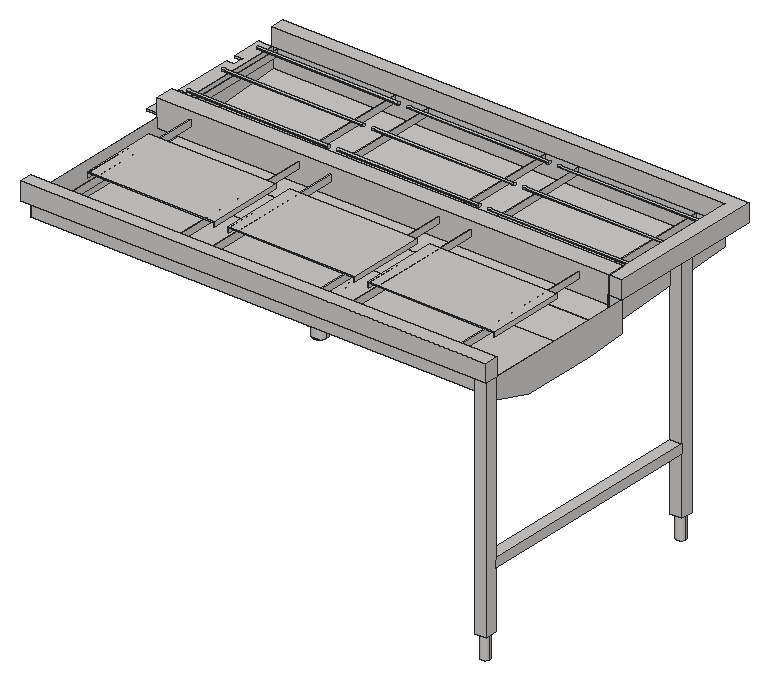
Revit family "QF_ELECTROLUXPROFESSIONAL_865468_HSDDPTS3LR", category Attrezzature speciali, Revit 2020
Family settings
  Quota connettore circolare = Usa diametro
  Tipo di parte = Normale
  Basato su piano di lavoro = No
  Sempre verticale = Sì
  Taglio con vuoti quando caricato = No
  Condiviso = No
  Punto di calcolo locali = No
Parameters (values of type "Standard")
  Weight = 42.00 kg
  Watts = 0 W
  Volts = 0 V
  URL Manufacturer = "https://www.electroluxprofessional.com/"
  URL = "https://www.electroluxprofessional.com/"
  Steam Supply Size = 0 mm
  Steam Supply Minimum Pressure = 0.0 Pa
  Steam Supply Maximum Pressure = 0.0 Pa
  Steam Consumption per Hour = 0
  Refrigeration Suction Line Size = 0 mm
  Refrigeration Liquid Line Size = 0 mm
  Refrigerant Compressor Remote = yes
  Prospetto di default = 0 mm
  Produttore = "Electrolux Professional"
  Phase = 0
  Modello = "HSDDPTS3LR"
  Length Actual = 1576 mm  # constant formula
  Item Number = "865468"
  Hot Water Size = 0 mm
  Height Actual = 910 mm  # constant formula
  HP = "0 HP"
  Gas Size = 0 mm
  Gas KW = 0
  Gas Input Pressure = 0 W
  Direct Waste Size = 139.7 mm
  Descrizione = "PASS-THROUGH AUTOMATIC SORTING TABLE, DISHWASHER DRIVEN, 3 BASKETS, RIGHT>LEFT, 1576 MM"
  Depth Actual = 1110 mm  # constant formula
  Cycle = 0 Hz
  Condensate Return Size = 0 mm
  Compressed Air Volume = 0.0 L/s
  Compressed Air Size = 0 mm
  Compressed Air Pressure = 0.0 Pa
  Cold Water Size = 0 mm
  Accessory = yes
Reference planes
  plane 1: z = 0
  plane 2 "R": x = 257
  plane 3: z = 910
  plane 4: z = 0
  plane 5: z = 300
  plane 6 "BACK": y = 310
  plane 7 "FRONT": y = -800
  plane 8 "LEFT": x = -1320
  plane 9: y = -310
Forms (mm)
  Extrusion 1, solid, material "QF_Finishes_Stainless Steel"
    sketch origin (-43, -490, 0) x (-1, 0, 0) y (0, -1, 0)
      loop
        line (1277, -800) -> (1277, -755) -> (-255, -755) -> (-255, -265) -> (-300, -265) -> (-300, -800) -> (1277, -800)
      loop
        line (1277, 265) -> (1277, 310) -> (-300, 310) -> (-300, 265) -> (1277, 265)
    from 850.091 to 910
  Extrusion 2, solid, material "QF_Finishes_Stainless Steel"
    sketch origin (-43, -490, 0) x (0, -1, 0) y (0, 0, 1)
      loop
        line (-756.248, 850.091) -> (-756.248, 781.928) -> (-265, 747.511) -> (-265, 750.519) -> (-755, 784.848) -> (-755, 850.091) -> (-756.248, 850.091)
    from -255 to 1275
  Revolve 3, solid, material "QF_Finishes_Stainless Steel"
    sketch origin (-553, -490.526, -123.199) x (-1, 0, 0) y (0, 0, 1)
      loop
        line (76.494, 861.337) -> (0, 861.337) -> (0, 697.377) -> (21.946, 697.377) -> (23.47, 698.838) -> (23.47, 734.749) -> (37.25, 740.749) -> (37.25, 742.336) -> (38.457, 743.987) -> (38.457, 746.476)
        arc (38.457, 746.476) -> (65.844, 763.962) -> (76.494, 794.661) r 49.516
        line (76.494, 794.661) -> (76.494, 834.985)
        arc (76.494, 834.985) -> (75.887, 836.598) -> (74.377, 837.43) r 2.49
        arc (74.377, 837.43) -> (71.083, 841.301) -> (74.39, 845.16) r 3.913
        arc (74.39, 845.16) -> (75.89, 845.987) -> (76.494, 847.59) r 2.474
        line (76.494, 847.59) -> (76.494, 861.337)
      axis (0, 861.337) -> (0, 697.377)
    angle from 0 to 360
  Extrusion 4, solid, material "QF_Finishes_Stainless Steel"
    sketch origin (-43, -490, 0) x (-1, 0, 0) y (0, -1, 0)
      loop
        line (-255, -330.124) -> (1275, -330.124) -> (1275, -265) -> (-255, -265) -> (-255, -330.124)
    from 820 to 910
  Extrusion 5, solid, material "QF_Finishes_Stainless Steel"
    sketch origin (-1320, -490, 0) x (0, -1, 0) y (0, 0, 1)
      loop
        line (-756.248, 781.928) -> (-131.216, 738.138) -> (130.849, 738.138) -> (266.249, 782.13) -> (266.249, 850.091) -> (-756.248, 850.091) -> (-756.248, 781.928)
    from 0 to -2
  Extrusion 6, solid, material "QF_Finishes_Stainless Steel"
    sketch origin (214, -490, 0) x (0, -1, 0) y (0, 0, -1)
      loop
        line (-756.248, -850.091) -> (-265, -850.091) -> (-265, -747.511) -> (-756.248, -781.928) -> (-756.248, -850.091)
    from 0 to -2
  Extrusion 7, solid, material "QF_Finishes_Stainless Steel"
    sketch origin (-1069, -490.054, -598.981) x (1, 0, 0) y (0, 1, 0)
      loop
        line (1284.5, -266.195) -> (1324.5, -266.195) -> (1324.5, 521.792) -> (1284.5, 521.792) -> (1284.5, -266.195)
    from 869.081 to 898.981
  Extrusion 8, solid, material "QF_Finishes_Stainless Steel"
    sketch origin (-43, -482.737, 2.863) x (-1, 0, 0) y (0, -1, 0)
      loop
        line (-200.029, -694.438) -> (-196.981, -694.438) -> (-196.981, -322.861) -> (-200.029, -322.861) -> (-200.029, -694.438)
      loop
        line (196.981, -694.438) -> (200.029, -694.438) -> (200.029, -322.861) -> (196.981, -322.861) -> (196.981, -694.438)
      loop
        line (1220.049, -694.438) -> (1220.049, -322.861) -> (1217.001, -322.861) -> (1217.001, -694.438) -> (1220.049, -694.438)
      loop
        line (823.039, -694.438) -> (823.039, -322.861) -> (819.991, -322.861) -> (819.991, -694.438) -> (823.039, -694.438)
      loop
        line (710.007, -694.438) -> (710.007, -322.861) -> (707.023, -322.861) -> (707.023, -694.438) -> (710.007, -694.438)
      loop
        line (312.997, -694.438) -> (312.997, -322.861) -> (310.013, -322.861) -> (310.013, -694.438) -> (312.997, -694.438)
    from 860 to 881.896
  Extrusion 9, solid, material "QF_Finishes_Stainless Steel"
    sketch origin (-2370.512, -755, 0) x (0, -1, 0) y (0, 0, -1)
      loop
        circle (-937.158, -888.745) r 3.985
      loop
        circle (-788.819, -888.745) r 3.985
      loop
        circle (-640.48, -888.745) r 3.985
    from 1067.5 to 1547.5
  Extrusion 10, solid, material "QF_Finishes_Stainless Steel"
    sketch origin (-1860.533, -755, 0) x (0, -1, 0) y (0, 0, -1)
      loop
        circle (-937.158, -888.745) r 3.985
      loop
        circle (-788.819, -888.745) r 3.985
      loop
        circle (-640.48, -888.745) r 3.985
    from 1067.5 to 1547.5
  Extrusion 11, solid, material "QF_Finishes_Stainless Steel"
    sketch origin (-1350.491, -755, 0) x (0, -1, 0) y (0, 0, -1)
      loop
        circle (-937.158, -888.745) r 3.985
      loop
        circle (-788.819, -888.745) r 3.985
      loop
        circle (-640.48, -888.745) r 3.985
    from 1067.5 to 1547.5
  Extrusion 12, solid, material "QF_Finishes_Stainless Steel"
    sketch origin (-318, 1800.751, 0) x (0, -1, 0) y (0, 0, -1)
      loop
        line (2597.773, -875) -> (2597.773, -872) -> (2557, -872) -> (2557, -875) -> (2597.773, -875)
    from 0 to 530
  Extrusion 13, solid, material "QF_Finishes_Stainless Steel"
    sketch origin (-105.5, -1203.272, 0) x (-1, 0, 0) y (0, 0, -1)
      loop
        line (-317.5, -850.091) -> (-317.5, -875) -> (212.5, -875) -> (212.5, -850.091) -> (-317.5, -850.091)
    from -448.272 to -447.022
  Extrusion 14, solid, material "QF_Finishes_Stainless Steel"
    sketch origin (-43, -490, 0) x (1, 0, 0) y (0, 0, -1)
      loop
        line (-1159.991, -862.863) -> (-1163.039, -862.863) -> (-1163.039, -884.759) -> (-1159.991, -884.759) -> (-1159.991, -862.863)
      loop
        line (-794.991, -862.863) -> (-798.039, -862.863) -> (-798.039, -884.759) -> (-794.991, -884.759) -> (-794.991, -862.863)
      loop
        line (-684.991, -862.863) -> (-688.039, -862.863) -> (-688.039, -884.759) -> (-684.991, -884.759) -> (-684.991, -862.863)
      loop
        line (-319.991, -862.863) -> (-323.039, -862.863) -> (-323.039, -884.759) -> (-319.991, -884.759) -> (-319.991, -862.863)
      loop
        line (-209.991, -862.863) -> (-213.039, -862.863) -> (-213.039, -884.759) -> (-209.991, -884.759) -> (-209.991, -862.863)
      loop
        line (155.009, -862.863) -> (151.961, -862.863) -> (151.961, -884.759) -> (155.009, -884.759) -> (155.009, -862.863)
    from -265 to 265
  Extrusion 15, solid, material "QF_Finishes_Stainless Steel"
    sketch origin (-40.5, -490, 0) x (1, 0, 0) y (0, 0, -1)
      loop
        line (-769.039, -884.759) -> (-1193.039, -884.759) -> (-1193.039, -871.646) -> (-1196.039, -871.646) -> (-1196.039, -887.746) -> (-766.039, -887.746) -> (-766.039, -871.646) -> (-769.039, -871.646) -> (-769.039, -884.759)
    from -130.374 to 131.111
  Extrusion 16, solid, material "QF_Finishes_Stainless Steel"
    sketch origin (434.5, -490, 0) x (1, 0, 0) y (0, 0, -1)
      loop
        line (-769.039, -884.759) -> (-1193.039, -884.759) -> (-1193.039, -871.646) -> (-1196.039, -871.646) -> (-1196.039, -887.746) -> (-766.039, -887.746) -> (-766.039, -871.646) -> (-769.039, -871.646) -> (-769.039, -884.759)
    from -130.374 to 131.111
  Extrusion 17, solid, material "QF_Finishes_Stainless Steel"
    sketch origin (909.5, -490, 0) x (1, 0, 0) y (0, 0, -1)
      loop
        line (-769.039, -884.759) -> (-1193.039, -884.759) -> (-1193.039, -871.646) -> (-1196.039, -871.646) -> (-1196.039, -887.746) -> (-766.039, -887.746) -> (-766.039, -871.646) -> (-769.039, -871.646) -> (-769.039, -884.759)
    from -130.374 to 131.111
  Extrusion 18, solid, material "QF_Finishes_Stainless Steel"
    sketch origin (2, 0, 845.091) x (1, 0, 0) y (0, 1, 0)
      loop
        line (-1322, 265) -> (-1368, 265) -> (-1368, 165) -> (-1342, 165) -> (-1342, 130) -> (-1368, 130) -> (-1368, -70) -> (-1342, -70) -> (-1342, -105) -> (-1368, -105) -> (-1368, -205) -> (-1322, -205) -> (-1322, 265)
    from 0 to 5
  Extrusion 19, solid, material "QF_Finishes_Stainless Steel"
    sketch origin (-41.5, -1066.249, 0) x (1, 0, 0) y (0, 1, 0)
      loop
        line (257, 310) -> (257, 270) -> (297, 270) -> (297, 310) -> (257, 310)
    from 75 to 850.091
  Extrusion 20, solid, material "QF_Finishes_Stainless Steel"
    sketch origin (-41.5, -20, 0) x (1, 0, 0) y (0, 1, 0)
      loop
        circle (277, -756.249) r 15
    from 0 to 75
  Extrusion 21, solid, material "QF_Finishes_Stainless Steel"
    sketch origin (-41.5, -238.262, 0) x (1, 0, 0) y (0, 1, 0)
      loop
        line (257, 310) -> (257, 270) -> (297, 270) -> (297, 310) -> (257, 310)
    from 75 to 850.091
  Extrusion 22, solid, material "QF_Finishes_Stainless Steel"
    sketch origin (-41.5, 807.987, 0) x (1, 0, 0) y (0, 1, 0)
      loop
        circle (277, -756.249) r 15
    from 0 to 75
  Extrusion 23, solid, material "QF_Finishes_Stainless Steel"
    sketch origin (788, 0, 0) x (0, 1, 0) y (0, 0, 1)
      loop
        line (-225, 850.091) -> (-756.249, 850.091) -> (-756.249, 782.13) -> (-620.849, 738.138) -> (-358.784, 738.138) -> (-225, 747.511) -> (-225, 850.091)
    from -533 to -531
  Extrusion 24, solid, material "QF_Finishes_Stainless Steel"
    sketch origin (770, 267.5, 0) x (0, 1, 0) y (0, 0, -1)
      loop
        line (-626.389, -741.138) -> (-492.5, -750.519) -> (-492.5, -747.511) -> (-626.284, -738.138) -> (-888.349, -738.138) -> (-1023.749, -782.13) -> (-1023.749, -850.091) -> (-1022.5, -850.091) -> (-1022.5, -784.879) -> (-887.874, -741.138) -> (-626.389, -741.138)
    from 515 to 2088
  Extrusion 25, solid, material "QF_Finishes_Stainless Steel"
    sketch origin (0, -225, 0) x (1, 0, 0) y (0, 0, 1)
      loop
        line (212, 850.091) -> (212, 750.519) -> (255, 750.519) -> (255, 850.091) -> (212, 850.091)
    from 0 to 2
Dimensions and locks
  plane 3 to level = 910 mm
  plane 6 "BACK" to plane 7 "FRONT" = 1110 mm
  plane 6 "BACK" to plane 9 = 620 mm
  Extrusion 5 to Extrusion 1 = 1530 mm
  Extrusion 18 to Extrusion 1 = 1623 mm
  aligned and locked: level to plane 1
Connectors
  piping at (-553, -490.526, 574.178), diameter 40
    settings: on Revolve 3, index 1, connector inside diameter 609.6 mm, connector length 0 mm, flow factor 0, pipe flow 0.0 L/s, pressure drop 0.0 Pa, fitting loss kfactor 0, connector angle 0.00°, fixture units 0, engagement length 0 mm, angle of deflection 0.00°, flow configuration 1, flow direction 2, fitting loss method 0, system type 29, joint type 0, gender type 0, connector reference index -1, connector utility 0, adjustable connector no, is connector primary yes, connector description "D"
